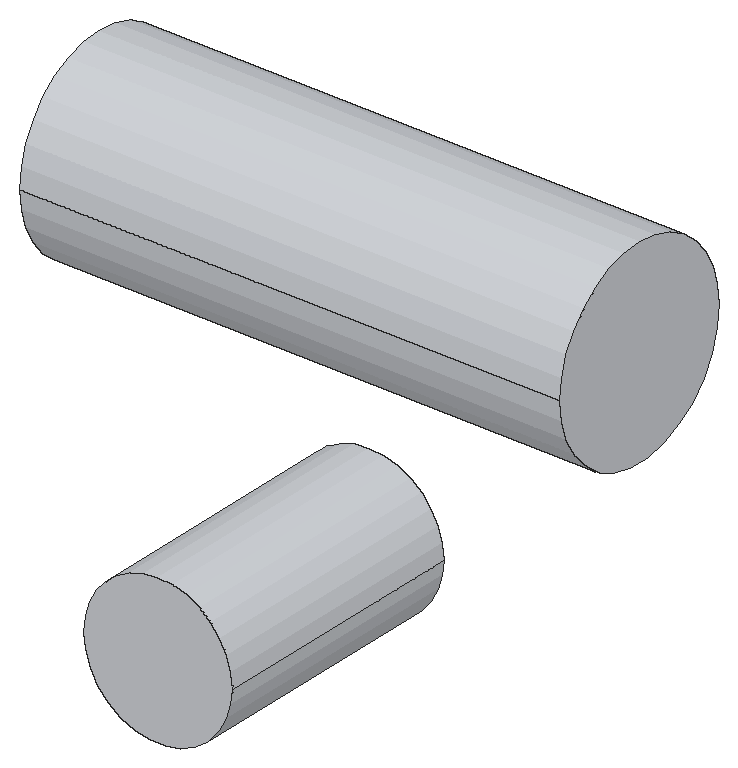
Revit family "25-CHL", category Plumbing Fixtures, Revit 2014
Parameters
  Vent Connection = yes
  URL = "http://www.helvex.com.mx/contenido.php?producto=505"
  Type Comments = "Drains"
  Plate Diameter = 7.1"
  Model = "25-CHL"
  Minimum Height = 6.3"
  Maximum Height = 7.1"
  Manufacturer = "Helvex"
  Installation Thread Upper = "2\" - 11 ½ NPSM"
  Installation Thread Lower = "1 ½\" - 11 NPSM"
  Features = "Integrated Cesspool, Hydraulic Seal"
  Drain = Forged Brass
  Dome = Stainless Steel
  Documentation = "http://www.helvex.com.mx/productos/fichas/25-CHL.pdf"
  Description = "Floor Drain With Round Top Square"
  CW Connection = yes
  Body = Iron, Cast
Reference planes (in)
  plane 1 "Center (Front/Back)": y = 0
  plane 2: z = 0
  plane 3 "Center (Left/Right)": x = 0
Forms (in)
  Extrusion 1, solid
    sketch origin (0, 0, -3.55408) x (0, 1, 0) y (0, 0, 1)
      loop
        circle (0, 0.7335) r 1
    from -2.729 to 2.729
  Extrusion 2, solid
    sketch origin (0, 0, -3.55408) x (-1, 0, 0) y (0, 0, 1)
      loop
        circle (0, -1.8406) r 0.75
    from 0 to -2.665
Dimensions and locks (in)
  aligned and locked: level to plane 2
Connectors (in)
  piping at (2.729, 0, -2.82058), diameter 2, driven by "CW Connection"
    settings: on Extrusion 1, index 1, connector inside diameter 609.6 mm, connector length 0", flow factor 0, pipe flow 0.0 GPM, pressure drop 0.0 psi, fitting loss kfactor 0, connector angle 0.00°, fixture units 0, engagement length 0", angle of deflection 0.00°, flow configuration 2, flow direction 2, fitting loss method 0, system type 16, joint type 0, gender type 0, connector reference index -1, connector utility 1, adjustable connector no, is connector primary yes, connector description ""
  piping at (-2.729, 0, -2.82058), diameter 2, driven by "CW Connection"
    settings: on Extrusion 1, index 2, connector inside diameter 609.6 mm, connector length 0", flow factor 0, pipe flow 0.0 GPM, pressure drop 0.0 psi, fitting loss kfactor 0, connector angle 0.00°, fixture units 0, engagement length 0", angle of deflection 0.00°, flow configuration 2, flow direction 2, fitting loss method 0, system type 16, joint type 0, gender type 0, connector reference index -1, connector utility 1, adjustable connector no, is connector primary no, connector description ""
  piping at (0, -2.665, -5.39468), diameter 1.5, driven by "CW Connection"
    settings: on Extrusion 2, index 3, connector inside diameter 609.6 mm, connector length 0", flow factor 0, pipe flow 0.0 GPM, pressure drop 0.0 psi, fitting loss kfactor 0, connector angle 0.00°, fixture units 0, engagement length 0", angle of deflection 0.00°, flow configuration 2, flow direction 1, fitting loss method 0, system type 16, joint type 0, gender type 0, connector reference index -1, connector utility 1, adjustable connector no, is connector primary no, connector description ""
